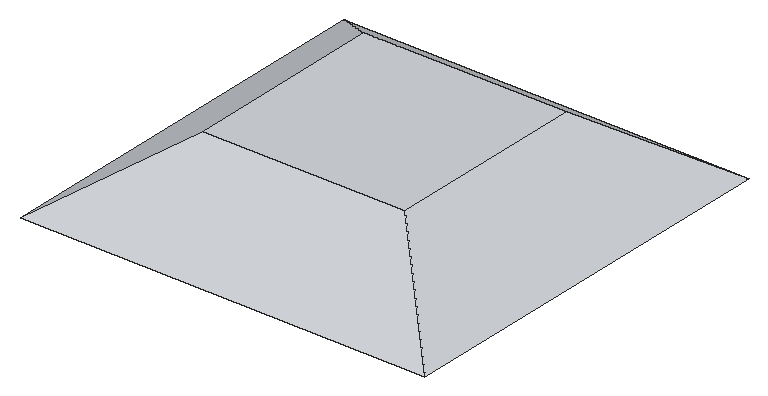
Revit family "M_Difusor de retorno", category Terminais de ar, Revit 2019
Family settings
  Cota do conector redondo = Utilizar diâmetro
  Tipo de parte = Normal
  Número OmniClass = 23.75.70.21.27.11
  Título OmniClass = Diffusers, Registers, and Grilles
  ID de item do Seek = Return Diffuser-0000-CAN-ENU
  Com base no plano de trabalho = Não
  Sempre na vertical = Sim
  Corte com vazios quando carregada = Não
  Compartilhado = Não
  Ponto de cálculo do ambiente = Não
Parameters (values of type "600 x 600 Face 300 x 300 Conexão")
  Largura 1 = Largura do difusor * 0.65  # 390 mm
  Largura do duto = 300 mm
  Altura do duto = Largura do duto  # 300 mm
  Largura do difusor = 600 mm
  SetaAcima [instance] = yes
  Queda de pressão [instance] = 14.0 Pa
  SetaDireita [instance] = yes
  SetaEsquerda [instance] = yes
  Fluxo [instance] = 235.0 L/s
  SetaparaBaixo [instance] = yes
  Altura do difusor = Largura do difusor  # 600 mm
  Assembly Code = ""
Reference planes
  plane 1 "Centro (Frente/Trás)": y = 0
  plane 2: z = 0
  plane 3 "Centro (Esquerda/Direita)": x = 0
Forms (mm)
  Blend 1, solid
    base sketch origin (0, 0, 0) x (1, 0, 0) y (0, 1, 0)
      loop
        line (-300, 300) -> (-300, -300) -> (300, -300) -> (300, 300) -> (-300, 300)
    top sketch origin (0, 0, 0) x (1, 0, 0) y (0, 1, 0)
      loop
        line (-150, 150) -> (-150, -150) -> (150, -150) -> (150, 150) -> (-150, 150)
    from 0 to 101.6
Lines and regions (mm)
  symbolic lines, style "DuctTerminal"
    curve 1: line (-300, -300, 0) -> (300, 300, 0)
    curve 2: line (-300, 300, 0) -> (300, 300, 0)
    curve 3: line (300, 300, 0) -> (300, -300, 0)
    curve 4: line (300, -300, 0) -> (-300, -300, 0)
    curve 5: line (-300, 300, 0) -> (-300, -300, 0)
Dimensions and locks
  equal spacing: Blend 1 sketch curve, plane 3 "Centro (Esquerda/Direita)", Blend 1 sketch curve  (x2)
  "Largura do difusor": Blend 1 sketch curve to Blend 1 sketch curve
  equal spacing: Blend 1 sketch curve, plane 1 "Centro (Frente/Trás)", Blend 1 sketch curve  (x2)
  "Altura do difusor": Blend 1 sketch curve to Blend 1 sketch curve
  "Largura do duto": Blend 1 sketch curve to Blend 1 sketch curve
  "Altura do duto": Blend 1 sketch curve to Blend 1 sketch curve
  "Largura 1": nested 1 to plane 3 "Centro (Esquerda/Direita)"
  "Largura 1": plane 1 "Centro (Frente/Trás)" to nested 2
  "Largura 1": plane 1 "Centro (Frente/Trás)" to nested 4
  "Largura 1": plane 3 "Centro (Esquerda/Direita)" to nested 3
  aligned and locked: Blend 1 to curve 1
  aligned and locked: curve 5 to Blend 1
  aligned and locked: plane 1 "Centro (Frente/Trás)" to nested 1
  aligned and locked: plane 3 "Centro (Esquerda/Direita)" to nested 2
  aligned and locked: nested 3 to plane 1 "Centro (Frente/Trás)"
  aligned and locked: nested 4 to plane 3 "Centro (Esquerda/Direita)"
  aligned and locked: curve 2 to Blend 1
  aligned and locked: curve 3 to Blend 1
Nested families
  nested 1: "M_Seta do terminal do duto" at (-390, 0, 0), visible <- "SetaEsquerda", type "Seta do terminal do duto"
  nested 2: "M_Seta do terminal do duto" at (0, -390, 0) x (0, 1, 0) z (0, 0, 1), visible <- "SetaparaBaixo", type "Seta do terminal do duto"
  nested 3: "M_Seta do terminal do duto" at (390, 0, 0) x (-1, 0, 0) z (0, 0, 1), visible <- "SetaDireita", type "Seta do terminal do duto"
  nested 4: "M_Seta do terminal do duto" at (0, 390, 0) x (0, -1, 0) z (0, 0, 1), visible <- "SetaAcima", type "Seta do terminal do duto"
Connectors
  hvac at (0, 0, 101.6), driven by "Largura do duto", driven by "Largura do duto", driven by "Fluxo", driven by "Queda de pressão"
    settings: on Blend 1, index 0, duct flow 235.0 L/s, flow factor 0, pres drop 14.0 Pa, loss coef 0, conn angle 0.00°, conn width 300 mm, conn height 300 mm, conn diameter 609.6 mm, duct sys type 2, conn prof type 1, flow config 1, flow direction 2, loss method 4, conn ref index -1, conn util no, is conn primary yes, conn desc ""
Definition of nested family "M_Seta do terminal do duto"
  Parameters
    Largura = (Comprimento / 2) / cos(15.00°)  # 25.882 mm
    Comprimento = 50 mm
  Reference planes
    plane 1 "Centro (Frente/Trás)": y = 0
    plane 2: z = 0
    plane 3 "Centro (Esquerda/Direita)": x = 0
  Lines and regions (mm)
    Filled region 1, type "Bloco de concreto", in view "Nível de referência"
      outline origin (-50.8, 0, 0) x (1, 0, 0) y (0, 1, 0)
        loop
          line (25.8, 6.699) -> (25.8, -6.699) -> (50.8, 0) -> (25.8, 6.699)
    detail lines, in view "Nível de referência"
      curve 1: line (-50, 0, 0) -> (0, 0, 0)
      curve 2: line (0, 0, 0) -> (-25, 6.699, 0)
      curve 3: line (0, 0, 0) -> (-25, -6.699, 0)
      curve 4: line (-25, 6.699, 0) -> (-25, -6.699, 0)
  Dimensions and locks
    "Comprimento": curve 1 to curve 1
    "Largura": curve 2 to curve 2
    "Largura": curve 3 to curve 3
    locked: curve 2 to curve 1 (angle 15.00°)
    locked: curve 1 to curve 3 (angle 15.00°)
    aligned and locked: plane 1 "Centro (Frente/Trás)" to curve 1
    aligned and locked: Filled region 1 sketch curve to curve 4
    aligned and locked: Filled region 1 sketch curve to curve 2
    aligned and locked: Filled region 1 sketch curve to curve 3
    aligned and locked: plane 3 "Centro (Esquerda/Direita)" to curve 1
